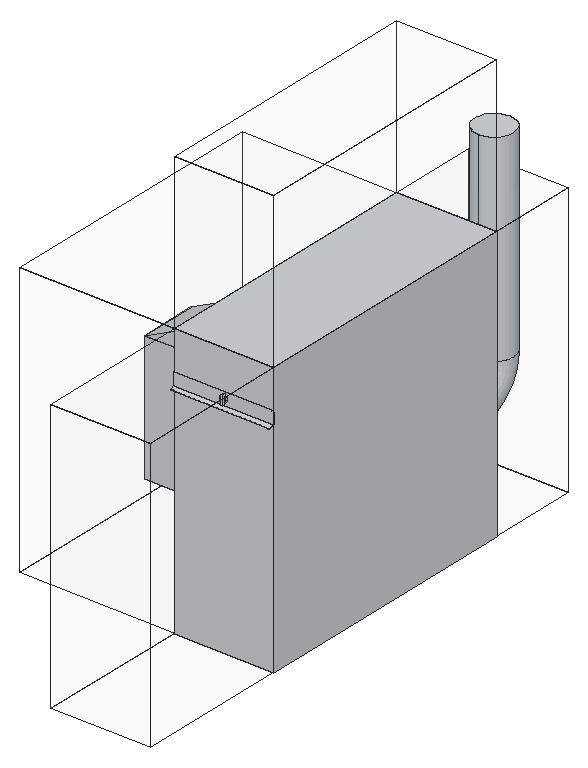
Revit family "Outdoor Armor Water Heater OAN701-OAN801", category Mechanical Equipment, Revit 2014
Parameters (values of type "OAN801")
  WATER CONN SIZE = Water Conn Radius * 2  # 2"
  SES BIM Studio # = "16 0649 04-2"
  Water Outlet Radius = 11 3/4"
  J_Flue Depth = Center of Flue + Flue Radius  # 12 1/4"
  H_Gas Conn Offset from Back = 3 1/2"
  F_ Water Outlet Offset from Back = 17 1/4"
  Water Conn Radius = 1"
  G_Water Inlet Offset from Back = 3 1/2"
  WIDTH = 15 1/2"
  Voltage/Heater = "120"
  Voltage/Control = "24"
  URL = "http://www.lochinvar.com/products/Default.aspx?type=ProductLine&lineID=195"
  Total Amps = "1.5"
  Model = "OAN801"
  Manufacturer = "Lochinvar"
  MODEL NO. = Model  # "OAN801"
  Gas Conn Radius = 1/2"
  H_Gas Conn Offset from Left = 3 1/4"
  I_Gas Conn Height = 33"
  GAS CONN SIZE = Gas Conn Radius * 2  # 1"
  GALLON CAPACITY = ""
  Flue Radius = 3"
  VENT SIZE = Flue Radius * 2  # 6"
  D_ Drain Offset From Back = 23 1/4"
  C_ DEPTH = 43 1/4"
  INPUT RATE (BTUH) = "800,000"
  Center of Flue = 9 1/4"
  A_HEIGHT = 42 1/2"
  FUEL TYPE = "NATURAL GAS"
  Description = "Armor Outdoor Water Heater"
  Fuel Type = "Natural or LP"
  E_Condensate Drain Offset from Back = 33 1/2"
  K_Flue Height = 50 1/2"
  # of Electrical Connections = "1"
Types (3): name | J_Flue Depth | H_Gas Conn Offset from Back | Model | MODEL NO. | H_Gas Conn Offset from Left | I_Gas Conn Height | C_ DEPTH | INPUT RATE (BTUH) | Center of Flue | E_Condensate Drain Offset from Back | K_Flue Height
  (no name) | 12 1/4" | 3 1/2" | "OAN801" | "OAN801" | 3 1/4" | 33" | 43 1/4" | "800,000" | 9 1/4" | 33 1/2" | 50 1/2"
  OAN701 | 12" | 3" | "OAN701" | "OAN701" | 3" | 32 3/4" | 41 1/4" | "700,000" | 9" | 29 1/4" | 49 1/2"
  OAN801 | 12 1/4" | 3 1/2" | "OAN801" | "OAN801" | 3 1/4" | 33" | 43 1/4" | "800,000" | 9 1/4" | 33 1/2" | 50 1/2"
Reference planes (in)
  plane 1 "Center (Front/Back)": y = 6.125
  plane 2: z = 0
  plane 3 "Center (Left/Right)": x = -1.39218
  plane 4 "Back": y = 27.75
  plane 5 "Front": y = -15.5
  plane 6 "Top": z = 42.5
  plane 7 "Right": x = 6.35782
  plane 8 "Left": x = -9.14218
  plane 9 "Front Clearance": y = -39.5
  plane 10 "Back Clearance": y = 41.75
  plane 11 "Left Clearance": x = -33.14218
  plane 12 "Top Clearance": z = 66.5
  plane 13 "Air Inlet Front": x = -15.39218
  plane 14 "Air Inlet Right": y = -13.5
  plane 15 "Air Inlet Left": y = -4.5
  plane 16 "Air Inlet Bottom": z = 18.5
  plane 17 "Air Inlet Top": z = 41.5
  plane 18: z = 50.5
Forms (in)
  Extrusion 1, solid
    sketch origin (-38.1296, -180, 3) x (-1, 0, 0) y (0, -1, 0)
      loop
        line (-28.98742, -207.75) -> (-28.98742, -164.5) -> (-44.48742, -164.5) -> (-44.48742, -207.75) -> (-28.98742, -207.75)
    from 39.5 to -3
  Extrusion 2, solid, material "Clearance"
    sketch origin (-15.62351, 24, -0.75) x (1, 0, 0) y (0, 1, 0)
      loop
        line (6.48133, 17.75) -> (6.48133, 3.75) -> (21.98133, 3.75) -> (21.98133, 17.75) -> (6.48133, 17.75)
    from 0.75 to 43.25
  Extrusion 3, solid, material "Clearance"
    sketch origin (0, 0, 42.5) x (-1, 0, 0) y (0, -1, 0)
      loop
        line (9.14218, 15.5) -> (9.14218, 39.5) -> (-6.35782, 39.5) -> (-6.35782, 15.5) -> (9.14218, 15.5)
    from -42.5 to 0
  Extrusion 4, solid
    sketch origin (-7, 27.75, 14) x (1, 0, 0) y (0, 0, 1)
      loop
        circle (1.10782, 19) r 0.5
    from 0 to -2
  Extrusion 5, solid
    sketch origin (-9.14218, 0, 0) x (0, 1, 0) y (0, 0, 1)
      loop
        circle (24.25, 15.5) r 1
    from 0 to -1
  Extrusion 6, solid
    sketch origin (-9.14218, 0, 0) x (0, 1, 0) y (0, 0, 1)
      loop
        circle (10.5, 15.5) r 1
    from 0 to -1
  Extrusion 7, solid
    sketch origin (-9.14218, 0, 2.75) x (0, 1, 0) y (0, 0, 1)
      loop
        circle (-5.75, 6.5) r 0.5
    from 0 to -1
  Extrusion 8, solid, material "Clearance"
    sketch origin (-24, 14, 42.5) x (-1, 0, 0) y (0, -1, 0)
      loop
        line (9.14218, -13.75) -> (9.14218, 29.5) -> (-14.85782, 29.5) -> (-14.85782, -13.75) -> (9.14218, -13.75)
    from -42.5 to 0
  Extrusion 9, solid, material "Clearance"
    sketch origin (-38.1296, -180, 27) x (-1, 0, 0) y (0, -1, 0)
      loop
        line (-28.98742, -207.75) -> (-28.98742, -164.5) -> (-44.48742, -164.5) -> (-44.48742, -207.75) -> (-28.98742, -207.75)
    from 39.5 to 15.5
  Extrusion 10, solid
    sketch origin (4.25, 27.75, 3.28161) x (1, 0, 0) y (0, 0, 1)
      loop
        circle (-0.64218, 35.96839) r 0.75
    from 0 to -1
  Extrusion 11, solid
    sketch origin (-9.14218, -41, -4) x (0, 1, 0) y (0, 0, 1)
      loop
        line (27.5, 42.5) -> (27.5, 22.5) -> (36.5, 22.5) -> (36.5, 42.5) -> (27.5, 42.5)
    from 0 to -6.25
  Extrusion 12, solid
    sketch origin (0, -15.5, 0) x (1, 0, 0) y (0, 0, 1)
      loop
        line (-15.39218, 38.5) -> (-9.14218, 38.5) -> (-9.14218, 41.5) -> (-15.39218, 38.5)
    from -2 to -11
  Sweep 13, solid
    path origin (-9.14218, 0, 0) x (0, 1, 0) y (0, 0, 1)
      loop
        line (27.75, 13.75) -> (31.5, 13.75)
        arc (31.5, 13.75) -> (35.38909, 15.36091) -> (37, 19.25) r 5.5
        line (37, 19.25) -> (37, 50.5)
    profile origin (-9.14218, 29.625, 13.75) x (0, 0, 1) y (1, 0, 0)
      loop
        circle (0, 7.75) r 3
  Extrusion 14, solid
    sketch origin (-9.14218, 0, 6.5) x (0, 1, 0) y (0, 0, 1)
      loop
        circle (4.5, 6.5) r 0.37579
    from 0 to -1
  Extrusion 15, solid
    sketch origin (-1.39218, 12.75, 0) x (0, 1, 0) y (0, 0, 1)
      loop
        line (19, 20.5) -> (15, 23.5) -> (15, 8.5) -> (19, 8.5) -> (19, 20.5)
    from 4.5 to -4.5
  Extrusion 16, solid
    sketch origin (-1.39218, 0, 0) x (0, 1, 0) y (0, 0, 1)
      loop
        line (-15.5, 36.5) -> (-15.5661, 36.5) -> (-15.5661, 34.57915) -> (-16.29055, 34.38504) -> (-16.26633, 34.29466) -> (-15.5, 34.5) -> (-15.5, 36.5)
    from 7.75 to -7.75
  Extrusion 17, solid
    sketch origin (0, -15.5, 0) x (1, 0, 0) y (0, 0, 1)
      loop
        line (-1.51887, 36.25) -> (-1.51887, 34.75) -> (-1.26549, 34.75) -> (-1.26549, 36.25) -> (-1.51887, 36.25)
    from 0 to 0.5
  Extrusion 18, solid
    sketch origin (0, -15.5, 0) x (1, 0, 0) y (0, 0, 1)
      loop
        circle (-1.39218, 35.5) r 0.5
    from 0 to 0.25
Lines and regions (in)
  symbolic lines, style "Clearance"
    curve 1: line (-9.14218, 41.75, 0) -> (6.35782, 41.75, 0)
    curve 2: line (6.35782, 41.75, 0) -> (6.35782, 27.75, 0)
    curve 3: line (-9.14218, 41.75, 0) -> (-9.14218, 27.75, 0)
    curve 4: line (-9.14218, 27.75, 0) -> (-33.14218, 27.75, 0)
    curve 5: line (-33.14218, 27.75, 0) -> (-33.14218, -15.5, 0)
    curve 6: line (-33.14218, -15.5, 0) -> (-9.14218, -15.5, 0)
    curve 7: line (-9.14218, -15.5, 0) -> (-9.14218, -39.5, 0)
    curve 8: line (-9.14218, -39.5, 0) -> (6.35782, -39.5, 0)
    curve 9: line (6.35782, -39.5, 0) -> (6.35782, -15.5, 0)
  symbolic lines
    curve 10: line (-9.14218, 27.75, 0) -> (6.35782, 27.75, 0)
    curve 11: line (-9.14218, -15.5, 0) -> (-9.14218, 27.75, 0)
    curve 12: line (6.35782, -15.5, 0) -> (-9.14218, -15.5, 0)
    curve 13: line (6.35782, 27.75, 0) -> (6.35782, -15.5, 0)
Dimensions and locks (in)
  "A_HEIGHT": plane 6 "Top" to level
  equal spacing: plane 8 "Left", plane 3 "Center (Left/Right)", plane 7 "Right"
  "WIDTH": plane 8 "Left" to plane 7 "Right"
  equal spacing: plane 5 "Front", plane 1 "Center (Front/Back)", plane 4 "Back"
  "C_ DEPTH": plane 5 "Front" to plane 4 "Back"
  locked: plane 9 "Front Clearance" to plane 5 "Front" at 24
  "H_Gas Conn Offset from Left": Extrusion 4 sketch curve to plane 8 "Left"
  "I_Gas Conn Height": level to Extrusion 4 sketch curve
  locked: Extrusion 1 to Extrusion 5 at 15.5
  "F_ Water Outlet Offset from Back": plane 4 "Back" to Extrusion 6 sketch curve
  locked: Extrusion 1 to Extrusion 7 at 9.25
  "E_Condensate Drain Offset from Back": plane 4 "Back" to Extrusion 7 sketch curve
  "G_Water Inlet Offset from Back": plane 4 "Back" to Extrusion 5 sketch curve
  plane 12 "Top Clearance" to plane 6 "Top" = 24"
  Extrusion 9 to Extrusion 4 sketch curve = 3 3/4"
  locked: plane 11 "Left Clearance" to plane 8 "Left" at 24
  locked: plane 4 "Back" to plane 10 "Back Clearance" at 14
  level to Extrusion 10 sketch curve = 39 1/4"
  locked: plane 14 "Air Inlet Right" to plane 5 "Front" at 2
  locked: plane 15 "Air Inlet Left" to plane 14 "Air Inlet Right" at 9
  locked: plane 7 "Right" to plane 13 "Air Inlet Front" at 21.75
  "K_Flue Height": plane 18 to level
  "Center of Flue": Sweep 13 sketch curve to plane 4 "Back"
  Sweep 13 sketch curve to level = 13 3/4"
  "D_ Drain Offset From Back": plane 4 "Back" to Extrusion 14 sketch curve
  Extrusion 14 sketch curve to level = 13"
  Extrusion 17 sketch curve to Extrusion 17 sketch curve = 0.25338"
  "Gas Conn Radius": radius of Extrusion 4 sketch curve
  "Water Conn Radius": radius of Extrusion 5 sketch curve
  "Water Conn Radius": radius of Extrusion 6 sketch curve
  radius of Extrusion 7 sketch curve = 1/2"
  "Flue Radius": radius of Sweep 13 sketch curve
  radius of Extrusion 14 sketch curve = 0.37579"
  aligned and locked: plane 5 "Front" to Extrusion 1
  aligned and locked: Extrusion 1 to level
  aligned and locked: Extrusion 3 sketch curve to Extrusion 1  (x2)
  aligned and locked: plane 7 "Right" to Extrusion 3 sketch curve
  aligned and locked: Extrusion 3 to Extrusion 1
  aligned and locked: Extrusion 2 to Extrusion 1  (x4)
  aligned and locked: plane 4 "Back" to Extrusion 2
  aligned and locked: Extrusion 2 to plane 8 "Left"
  aligned and locked: Extrusion 2 to plane 7 "Right"
  aligned and locked: Extrusion 1 to plane 7 "Right"
  aligned and locked: Extrusion 3 to plane 5 "Front"
  aligned and locked: Extrusion 1 to plane 4 "Back"
  aligned and locked: plane 6 "Top" to Extrusion 1
  aligned and locked: plane 6 "Top" to Extrusion 2
  aligned and locked: Extrusion 2 to plane 10 "Back Clearance"
  aligned and locked: plane 5 "Front" to Extrusion 8
  aligned and locked: plane 8 "Left" to Extrusion 8
  aligned and locked: Extrusion 8 to plane 11 "Left Clearance"
  aligned and locked: Extrusion 8 to plane 4 "Back"
  aligned and locked: plane 12 "Top Clearance" to Extrusion 9
  aligned and locked: Extrusion 9 to plane 6 "Top"
  aligned and locked: Extrusion 9 to plane 7 "Right"
  aligned and locked: Extrusion 9 to plane 8 "Left"
  aligned and locked: Extrusion 8 to level
  aligned and locked: Extrusion 2 to Extrusion 3
  aligned and locked: Extrusion 11 to plane 13 "Air Inlet Front"
  aligned and locked: Extrusion 11 to plane 15 "Air Inlet Left"
  aligned and locked: plane 14 "Air Inlet Right" to Extrusion 11
  aligned and locked: Extrusion 11 to plane 16 "Air Inlet Bottom"
  aligned and locked: Extrusion 12 to Extrusion 11
  aligned and locked: Extrusion 11 to Extrusion 12
  aligned and locked: plane 18 to Sweep 13 sketch curve
  aligned and locked: plane 4 "Back" to Extrusion 15
Automatic sketch dimensions
  plane 5 "Front" to curve 6 = 0"
  curve 6 to plane 11 "Left Clearance" = 0"
  curve 11 to plane 8 "Left" = 0"
  curve 9 to plane 7 "Right" = 0"
  plane 9 "Front Clearance" to curve 8 = 0"
  plane 4 "Back" to curve 5 = 0"
  plane 10 "Back Clearance" to curve 1 = 0"
  plane 4 "Back" to Extrusion 1 sketch curve = 0"
  Extrusion 1 sketch curve to plane 7 "Right" = 0"
  plane 5 "Front" to Extrusion 1 sketch curve = 0"
  Extrusion 1 sketch curve to plane 8 "Left" = 0"
  plane 4 "Back" to Extrusion 2 sketch curve = 0"
  Extrusion 2 sketch curve to plane 8 "Left" = 0"
  Extrusion 2 sketch curve to plane 7 "Right" = 0"
  plane 10 "Back Clearance" to Extrusion 2 sketch curve = 0"
  plane 9 "Front Clearance" to Extrusion 3 sketch curve = 0"
  Extrusion 5 sketch curve to plane 16 "Air Inlet Bottom" = 3"
  Extrusion 6 sketch curve to plane 16 "Air Inlet Bottom" = 3"
  level to Extrusion 7 sketch curve = 9 1/4"
  plane 4 "Back" to Extrusion 8 sketch curve = 0"
  Extrusion 8 sketch curve to plane 8 "Left" = 0"
  plane 5 "Front" to Extrusion 8 sketch curve = 0"
  Extrusion 8 sketch curve to plane 11 "Left Clearance" = 0"
  plane 4 "Back" to Extrusion 9 sketch curve = 0"
  Extrusion 9 sketch curve to plane 7 "Right" = 0"
  plane 5 "Front" to Extrusion 9 sketch curve = 0"
  Extrusion 9 sketch curve to plane 8 "Left" = 0"
  plane 7 "Right" to Extrusion 10 sketch curve = 2 3/4"
  Extrusion 11 sketch curve to plane 14 "Air Inlet Right" = 0"
  Extrusion 11 sketch curve to plane 15 "Air Inlet Left" = 0"
  Extrusion 11 sketch curve to plane 16 "Air Inlet Bottom" = 0"
  Extrusion 11 sketch curve to plane 17 "Air Inlet Top" = 3"
  Extrusion 12 sketch curve to plane 13 "Air Inlet Front" = 0"
  Extrusion 12 sketch curve to plane 8 "Left" = 0"
  Extrusion 12 sketch curve to plane 17 "Air Inlet Top" = 0"
  Extrusion 12 sketch curve to plane 17 "Air Inlet Top" = 3"
  Extrusion 15 sketch curve to plane 1 "Center (Front/Back)" = 21 5/8"
  Extrusion 15 sketch curve to Extrusion 15 sketch curve = 4"
  level to Extrusion 15 sketch curve = 8 1/2"
  plane 16 "Air Inlet Bottom" to Extrusion 15 sketch curve = 2"
  Extrusion 15 sketch curve to Extrusion 15 sketch curve = 3"
  Extrusion 16 sketch curve to plane 5 "Front" = 0"
  Extrusion 16 sketch curve to Extrusion 16 sketch curve = 0.0661"
  Extrusion 16 sketch curve to Extrusion 16 sketch curve = 0.70023"
  Extrusion 16 sketch curve to Extrusion 16 sketch curve = 0.02422"
  Extrusion 16 sketch curve to plane 17 "Air Inlet Top" = 7.20534"
  Extrusion 16 sketch curve to Extrusion 16 sketch curve = 0.09038"
  Extrusion 16 sketch curve to Extrusion 16 sketch curve = 1.92085"
  Extrusion 18 sketch curve to plane 3 "Center (Left/Right)" = 0"
  Extrusion 18 sketch curve to plane 17 "Air Inlet Top" = 6"
  Extrusion 17 sketch curve to plane 3 "Center (Left/Right)" = 0.12669"
  plane 3 "Center (Left/Right)" to Extrusion 17 sketch curve = 0.12669"
  Extrusion 17 sketch curve to plane 17 "Air Inlet Top" = 6 3/4"
  Extrusion 17 sketch curve to Extrusion 17 sketch curve = 1 1/2"
  Sweep 13 sketch curve to plane 4 "Back" = 0"
  plane 16 "Air Inlet Bottom" to Sweep 13 sketch curve = 3/4"
  Sweep 13 sketch curve to profile plane = 0"
  plane 8 "Left" to Sweep 13 sketch curve = 7 3/4"
  radius of Extrusion 10 sketch curve = 3/4"
  radius of Extrusion 18 sketch curve = 1/2"
Connectors (in)
  piping at (-10.14218, 24.25, 15.5), diameter 2, driven by "Water Conn Radius"
    settings: on Extrusion 5, index 3, connector inside diameter 1 1/2", connector length 0", flow factor 0, pipe flow 0 GPM, pressure drop 0.00 psi, fitting loss kfactor 0, connector angle 0.00°, fixture units 0, engagement length 0", angle of deflection 0.00°, flow configuration 1, flow direction 1, fitting loss method 0, system type 8, joint type 0, gender type 0, connector reference index -1, connector utility 0, adjustable connector no, is connector primary yes, connector description "Water Inlet"
  piping at (-10.14218, 10.5, 15.5), diameter 2, driven by "Water Conn Radius"
    settings: on Extrusion 6, index 4, connector inside diameter 1 1/2", connector length 0", flow factor 0, pipe flow 0 GPM, pressure drop 0.00 psi, fitting loss kfactor 0, connector angle 0.00°, fixture units 0, engagement length 0", angle of deflection 0.00°, flow configuration 0, flow direction 2, fitting loss method 0, system type 7, joint type 0, gender type 0, connector reference index -1, connector utility 0, adjustable connector no, is connector primary no, connector description "Water Outlet"
  piping at (-10.14218, -5.75, 9.25), diameter 1
    settings: on Extrusion 7, index 6, connector inside diameter 1", connector length 0", flow factor 0, pipe flow 0 GPM, pressure drop 0.00 psi, fitting loss kfactor 0, connector angle 0.00°, fixture units 0, engagement length 0", angle of deflection 0.00°, flow configuration 3, flow direction 2, fitting loss method 0, system type 16, joint type 0, gender type 0, connector reference index -1, connector utility 0, adjustable connector no, is connector primary no, connector description "Condensate Drain"
  piping at (-5.89218, 29.75, 33), diameter 1, driven by "Gas Conn Radius"
    settings: on Extrusion 4, index 8, connector inside diameter 1", connector length 0", flow factor 0, pipe flow 0 GPM, pressure drop 0.00 psi, fitting loss kfactor 0, connector angle 0.00°, fixture units 0, engagement length 0", angle of deflection 0.00°, flow configuration 1, flow direction 1, fitting loss method 0, system type 22, joint type 0, gender type 0, connector reference index -1, connector utility 0, adjustable connector no, is connector primary no, connector description "Gas"
  electrical at (3.60782, 28.75, 39.25)
    settings: on Extrusion 10, index 9, voltage 0 V, apparent load 0 VA, apparent load phase1 0 VA, apparent load phase2 0 VA, apparent load phase3 0 VA, power factor 1, load classification "Other", number of poles 1, system type 30, power factor state 1, is connector primary yes, connector utility no, sub classification motor no, connector description "Line Voltage"
  hvac at (-1.39218, 37, 50.5), driven by "Flue Radius"
    settings: on Sweep 13, index 10, duct flow 0 CFM, flow factor 0, pres drop 0.00 in-wg, loss coef 0, conn angle 0.00°, conn width 12", conn height 12", conn diameter 6", duct sys type 3, conn prof type 0, flow config 0, flow direction 2, loss method 0, conn ref index -1, conn util no, is conn primary yes, conn desc "Flue"
  piping at (-10.14218, 4.5, 13), diameter 0.75
    settings: on Extrusion 14, index 11, connector inside diameter 3/4", connector length 0", flow factor 0, pipe flow 0 GPM, pressure drop 0.00 psi, fitting loss kfactor 0, connector angle 0.00°, fixture units 0, engagement length 0", angle of deflection 0.00°, flow configuration 3, flow direction 2, fitting loss method 0, system type 16, joint type 0, gender type 0, connector reference index -1, connector utility 0, adjustable connector no, is connector primary no, connector description "Drain"
